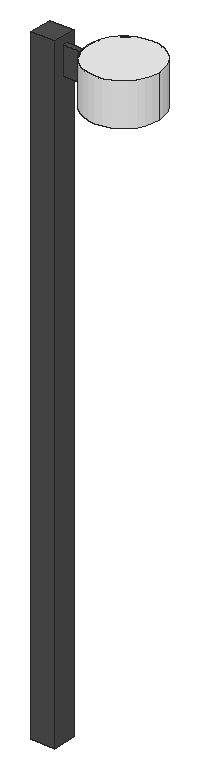
Revit family "Poste de iluminação - Redondo", category Luminárias, Revit 2019
Family settings
  Cota do conector redondo = Utilizar diâmetro
  Tipo de parte = Normal
  Número OmniClass = 23.80.70.00
  Título OmniClass = Lighting
  Com base no plano de trabalho = Não
  Sempre na vertical = Sim
  Corte com vazios quando carregada = Não
  Fonte luminosa = Sim
  Compartilhado = Não
  Ponto de cálculo do ambiente = Não
Parameters
  Largura = 304 mm
  Wattage = 32 W
  built-in parameter 1150110 = 1 (stored number, unit not read)
  built-in parameter 1114217 = 1 (stored number, unit not read)
  Tilt Angle = 90.00°
  Comprimento = Largura da coluna + Largura + L1  # 504 mm
  built-in parameter 1150109 = 1 (stored number, unit not read)
  built-in parameter 1150134 = (empty or 0)
  built-in parameter 1150113 = 1 (stored number, unit not read)
  built-in parameter 1010507 = 1.9199 (stored number, unit not read)
  built-in parameter 1010506 = 0.7854 (stored number, unit not read)
  Material de sombra = Vidro, Branco, Alta Luminosidade
  R3 = R2 - 5 mm  # 145 mm
  R2 = R1 - 2 mm  # 150 mm
  R1 = Largura / 2  # 152 mm
  L1 = 100 mm
  Altura = 2600 mm
  Lumens = 4753.34 lm
  built-in parameter 1150115 = 1 (stored number, unit not read)
  built-in parameter 1150105 = 15893.1 (stored number, unit not read)
  Comprimento do símbolo da fonte luminosa = Altura  # 2600 mm
  built-in parameter 1150137 = (empty or 0)
  built-in parameter 1150139 = (empty or 0)
  Material da luminária = Metal - Alum
  built-in parameter 1150112 = 1 (stored number, unit not read)
  built-in parameter 1150114 = 1 (stored number, unit not read)
  built-in parameter 1150132 = (empty or 0)
  built-in parameter 1150102 = (empty or 0)
  built-in parameter 1150138 = (empty or 0)
  built-in parameter 1150107 = 3000 (stored number, unit not read)
  built-in parameter 1150106 = 158.93 (stored number, unit not read)
  Altura da luminária = 180 mm
  Emitir do comprimento da linha = R3 * 2 - 20 mm  # 270 mm
  built-in parameter 1150104 = 13.8 (stored number, unit not read)
  Troca de temperatura da cor de lâmpada com esmaecimento = <Nenhum>
  Largura da coluna = 100 mm
  Material da coluna = Metal - Cromo
  Color Filter = 16777215
  built-in parameter 1114218 = 1 (stored number, unit not read)
  built-in parameter 1150133 = 10 (stored number, unit not read)
Reference planes
  plane 1 "Eixo de origem da luz (F/T)": y = 0
  plane 2: z = 0
  plane 3 "Eixo de origem da luz (E/D)": x = 0
  plane 4 "Elevação da origem da luz": z = 2600
  plane 5: z = 2690
  plane 6: z = 2510
  plane 7: z = 2660
  plane 8: z = 2540
  plane 9: z = 2688
  plane 10: z = 2512
  plane 11: z = 2512
  plane 12: y = -352
  plane 13: y = 152
  plane 14: x = 152
  plane 15: x = -352
  plane 16: x = -252
  plane 17: y = 50
  plane 18: y = -50
  plane 19: y = 10
  plane 20: y = -10
  plane 21: x = -152
Forms (mm)
  Extrusion 1, solid, material "Metal - Alum" <- "Material da luminária"
    sketch origin (0, 0, 0) x (1, 0, 0) y (0, 1, 0)
      loop
        circle (0, 0) r 152
      loop
        circle (0, 0) r 150
    from 2510 to 2690
  Extrusion 2, solid, material "Metal - Alum" <- "Material da luminária"
    sketch origin (0, 0, 0) x (1, 0, 0) y (0, 1, 0)
      loop
        circle (0, 0) r 150
    from 2688 to 2690
  Extrusion 3, solid, material "Metal - Alum" <- "Material da luminária"
    sketch origin (0, 0, 0) x (1, 0, 0) y (0, 1, 0)
      loop
        circle (0, 0) r 150
      loop
        circle (0, 0) r 145
    from 2510 to 2512
  Extrusion 4, solid, material "Vidro, Branco, Alta Luminosidade" <- "Material de sombra"
    sketch origin (0, 0, 0) x (1, 0, 0) y (0, 1, 0)
      loop
        circle (0, 0) r 145
    from 2510 to 2512
  Extrusion 5, solid, material "Metal - Cromo" <- "Material da coluna"
    sketch origin (0, 0, 0) x (1, 0, 0) y (0, 1, 0)
      loop
        line (-352, 50) -> (-352, -50) -> (-252, -50) -> (-252, 50) -> (-352, 50)
    from 0 to 2690
  Extrusion 6, solid, material "Metal - Cromo" <- "Material da coluna"
    sketch origin (0, 0, 0) x (1, 0, 0) y (0, 1, 0)
      loop
        line (-252, 10) -> (-252, -10) -> (-151.671, -10)
        arc (-151.671, -10) -> (-152, 0) -> (-151.671, 10) r 152
        line (-151.671, 10) -> (-252, 10)
    from 2540 to 2660
Cuts and joins
  joined: Extrusion 1, Extrusion 2, Extrusion 3
Dimensions and locks
  "Altura": plane 4 "Elevação da origem da luz" to plane 2
  equal spacing: plane 5, plane 4 "Elevação da origem da luz", plane 6
  "Altura da luminária": plane 5 to plane 6
  plane 7 to plane 4 "Elevação da origem da luz" to plane 8 = 60 mm locked, 60 mm locked
  locked: plane 5 to plane 9 at 2
  locked: plane 10 to plane 6 at 2
  locked: plane 11 to plane 6 at 2
  "R1": plane 13 to plane 1 "Eixo de origem da luz (F/T)"
  "Comprimento": plane 13 to plane 12
  "Largura da coluna": plane 15 to plane 16
  equal spacing: plane 17, plane 1 "Eixo de origem da luz (F/T)", plane 18
  "Largura da coluna": plane 17 to plane 18
  plane 19 to plane 1 "Eixo de origem da luz (F/T)" to plane 20 = 10 mm locked, 10 mm locked
  "R1": plane 21 to plane 3 "Eixo de origem da luz (E/D)"
  "R1": plane 3 "Eixo de origem da luz (E/D)" to plane 14
  "L1": plane 16 to plane 21
  "R1": radius of Extrusion 1 sketch curve
  "R2": radius of Extrusion 1 sketch curve
  "R2": radius of Extrusion 2 sketch curve
  "R2": radius of Extrusion 3 sketch curve
  "R3": radius of Extrusion 3 sketch curve
  "R3": radius of Extrusion 4 sketch curve
  "R1": radius of Extrusion 6 sketch curve
  aligned and locked: imposter light to plane 3 "Eixo de origem da luz (E/D)"
  aligned and locked: plane 1 "Eixo de origem da luz (F/T)" to imposter light
  aligned and locked: plane 4 "Elevação da origem da luz" to imposter light
  aligned and locked: level to plane 2
  aligned and locked: plane 1 "Eixo de origem da luz (F/T)" to Extrusion 1 sketch curve  (x2)
  aligned and locked: plane 3 "Eixo de origem da luz (E/D)" to Extrusion 1 sketch curve  (x2)
  aligned and locked: plane 5 to Extrusion 1
  aligned and locked: Extrusion 1 to plane 6
  aligned and locked: plane 1 "Eixo de origem da luz (F/T)" to Extrusion 2 sketch curve
  aligned and locked: plane 3 "Eixo de origem da luz (E/D)" to Extrusion 2 sketch curve
  aligned and locked: plane 5 to Extrusion 2
  aligned and locked: Extrusion 2 to plane 9
  aligned and locked: plane 1 "Eixo de origem da luz (F/T)" to Extrusion 3 sketch curve  (x2)
  aligned and locked: plane 3 "Eixo de origem da luz (E/D)" to Extrusion 3 sketch curve  (x2)
  aligned and locked: plane 11 to Extrusion 3
  aligned and locked: Extrusion 3 to plane 6
  aligned and locked: plane 1 "Eixo de origem da luz (F/T)" to Extrusion 4 sketch curve
  aligned and locked: plane 3 "Eixo de origem da luz (E/D)" to Extrusion 4 sketch curve
  aligned and locked: plane 10 to Extrusion 4
  aligned and locked: Extrusion 4 to plane 6
  aligned and locked: Extrusion 5 to plane 2
  aligned and locked: plane 5 to Extrusion 5
  aligned and locked: plane 7 to Extrusion 6
  aligned and locked: plane 8 to Extrusion 6
  aligned and locked: Extrusion 5 sketch curve to plane 17
  aligned and locked: plane 15 to Extrusion 5 sketch curve
  aligned and locked: Extrusion 5 sketch curve to plane 18
  aligned and locked: Extrusion 5 sketch curve to plane 16
  aligned and locked: plane 1 "Eixo de origem da luz (F/T)" to Extrusion 6 sketch curve
  aligned and locked: plane 3 "Eixo de origem da luz (E/D)" to Extrusion 6 sketch curve
  aligned and locked: Extrusion 6 sketch curve to plane 16
  aligned and locked: Extrusion 6 sketch curve to plane 19
  aligned and locked: Extrusion 6 sketch curve to plane 20
